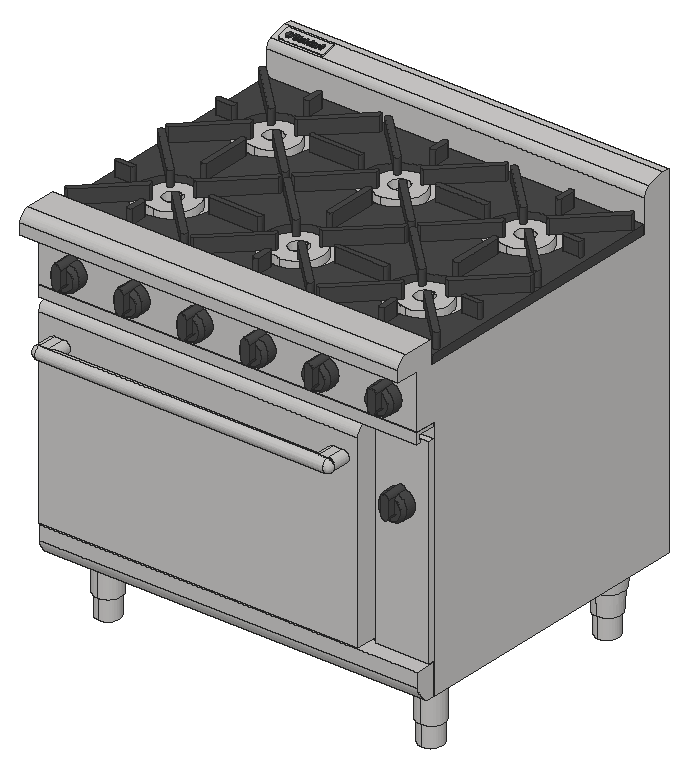
Revit family "QF_MOFFAT WALDORF_RNL8610GC", category Specialty Equipment, Revit 2012
Parameters
  Width = 900 mm
  Weight in Pounds = 212
  Watts = 130 W
  Volts = 240 V
  URL Cutsheet = "www.moffat.com"
  URL = "www.moffat.com"
  Type Mark [instance] = ""
  Status [instance] = ""
  Specification by User [instance] = ""
  Specification by Manufacturer = ""
  Show Logo [instance] = yes
  Show Clearance [instance] = yes
  Serial Number = ""
  Seismic Rating = ""
  SMACNA No = ""
  Revision Code [instance] = ""
  Plumbing Remarks = ""
  Plumbing Connection Type [instance] = ""
  Phase = 1
  Omniclass Number and Title = ""
  Number of Poles [instance] = 1
  NAFEM Spec ID Number = ""
  Model = "RNL8610GC"
  Min Ckt Ampacity = 0 A
  Mechanical Remarks = ""
  Mechanical Connection Type [instance] = ""
  Max Overcurrent Protection = 0 A
  Masterspec = ""
  Manufacturer = "MOFFAT WALDORF"
  Item Number [instance] = ""
  Installed By [instance] = ""
  Identify Quantity as Lot [instance] = yes
  Height = 970 mm
  HP = ""
  Gas Size = 3/4"
  Gas RI Height [instance] = 0 mm
  Gas KW [instance] = 55
  Gas Input [instance] = 187668.0 Btu/h
  Gas Connection Height = 0 mm
  Furnished By [instance] = ""
  Foodservice Equipment Identifier [instance] = yes
  FL Amps = 0.6 A
  Electrical Remarks [instance] = ""
  Electric Connection Type [instance] = ""
  Elec Conn RI Height [instance] = 0 mm
  Elec Conn Connection Height [instance] = 0 mm
  Description = "RANGE LOW SPLASHBACK GAS WITH CONVECTION OVEN"
  Depth = 805 mm
  Cycle = 50 Hz
  Conn Plug = ""
  Conn Conduit = yes
  Cold Water Temperature Recommended = -459.67 °F
  Cold Water Size = 1/2"
  Cold Water RI Height [instance] = 0 mm
  Cold Water Minimum Pressure = 0.00 psi
  Cold Water Maximum Pressure = 0.00 psi
  Cold Water Flow = 0 GPM
  Cold Water Consumption = ""
  Cold Water Connection Height = 0 mm
  CSI MasterFormat = ""
  CSI Master Format = ""
  Body Finish = QF_Finishes_Stainless Steel
  Apparent Power = 0 VA
Reference planes
  plane 1 "BACK": y = 0
  plane 2: z = 0
  plane 3 "LEFT": x = 0
  plane 4 "RIGHT": x = 900
  plane 5 "FRONT": y = -805
  plane 6 "TOP": z = 970
  plane 7 "Center Y": x = 450
  plane 8 "Center X": y = -402.5
  plane 9: x = 280
  plane 10: y = -574.272
  plane 11: x = 60
  plane 12: y = -304.972
  plane 13: y = -364.972
  plane 14: x = 74
  plane 15: y = -805
  plane 16: x = 834.5
  plane 17: y = -32
  plane 18: z = 655
  plane 19: x = 65.8
Forms (mm)
  Extrusion 1, solid, material "QF_Finishes_Stainless Steel" <- "Body Finish"
    sketch origin (0, 0, 0) x (0, 1, 0) y (0, 0, 1)
      loop
        line (0, 150) -> (0, 970) -> (-16.5, 970) -> (-58.709, 958.69)
        arc (-58.709, 958.69) -> (-66.975, 950.425) -> (-70, 939.134) r 22.582
        line (-70, 939.134) -> (-70, 861.8) -> (-709, 861.8) -> (-709, 915) -> (-781, 915)
        arc (-781, 915) -> (-797.971, 907.971) -> (-805, 891) r 24
        line (-805, 891) -> (-805, 866) -> (-749, 866) -> (-749, 736.219) -> (-696.73, 736.219) -> (-696.73, 150) -> (0, 150)
      loop
        line (-700.93, 150.071) -> (-700.93, 222.5) -> (-746.73, 222.5) -> (-746.73, 188)
        arc (-746.73, 188) -> (-731.317, 159.995) -> (-700.93, 150.071) r 43.526
      loop
        line (-749, 710) -> (-740.224, 710) -> (-742.613, 726.999) -> (-700.93, 726.999) -> (-700.93, 734.003) -> (-749, 734.003) -> (-749, 710)
    from 0 to 900
  Extrusion 2, solid, material "QF_Finishes_Stainless Steel"
    sketch origin (0, 0, 0) x (0, 1, 0) y (0, 0, 1)
      loop
        line (-699, 700) -> (-725, 700)
        arc (-725, 700) -> (-741.971, 692.971) -> (-749, 676) r 24
        line (-749, 676) -> (-749, 227.5) -> (-699, 227.5) -> (-699, 700)
    from 0 to 760
  Extrusion 3, solid, material "QF_Finishes_Stainless Steel"
    sketch origin (723.5, 0, 0) x (0, 1, 0) y (0, 0, 1)
      loop
        line (-699, 700) -> (-714, 700) -> (-714, 227.5) -> (-699, 227.5) -> (-699, 700)
    from 51.5 to 176.5
  Revolve 4, solid, material "QF_Finishes_Stainless Steel" <- "Body Finish"
    sketch origin (834.5, -165, 0) x (0, 1, 0) y (0, 0, -1)
      loop
        line (33.25, -50) -> (31.418, -102.468) -> (26.406, -102.468) -> (22.247, -150) -> (65, -150) -> (65, 0) -> (37.5, 0) -> (37.5, -50) -> (33.25, -50)
      axis (65, -150) -> (65, 0)
    angle from 0 to 360
  Revolve 5, solid, material "QF_Finishes_Stainless Steel" <- "Body Finish"
    sketch origin (834.5, -696.126, 0) x (0, 1, 0) y (0, 0, -1)
      loop
        line (39.376, -150) -> (71.126, -150) -> (71.126, 0) -> (43.626, 0) -> (43.626, -50) -> (39.376, -50) -> (39.376, -150)
      axis (71.126, -150) -> (71.126, 0)
    angle from 0 to 360
  Revolve 6, solid, material "QF_Finishes_Stainless Steel" <- "Body Finish"
    sketch origin (65.5, -165, 0) x (0, 1, 0) y (0, 0, 1)
      loop
        line (31.418, 102.468) -> (33.25, 50) -> (37.5, 50) -> (37.5, 0) -> (65, 0) -> (65, 150) -> (22.247, 150) -> (26.406, 102.468) -> (31.418, 102.468)
      axis (65, 150) -> (65, 0)
    angle from 0 to 360
  Revolve 7, solid, material "QF_Finishes_Stainless Steel" <- "Body Finish"
    sketch origin (65.5, -696.126, 0) x (0, 1, 0) y (0, 0, 1)
      loop
        line (39.376, 150) -> (39.376, 50) -> (43.626, 50) -> (43.626, 0) -> (71.126, 0) -> (71.126, 150) -> (39.376, 150)
      axis (71.126, 150) -> (71.126, 0)
    angle from 0 to 360
  Extrusion 8, solid, material "QF_Finishes_Stainless Steel"
    sketch origin (-64.5, 0, 325) x (1, 0, 0) y (0, 1, 0)
      loop
        circle (834.5, -32) r 10
    from 330 to 373.5
  Extrusion 9, solid, material "QF_Finishes_Black"
    sketch origin (0, -70, 861.8) x (0, -1, 0) y (1, 0, 0)
      loop
        arc (1, 4) -> (1.879, 1.879) -> (4, 1) r 3
        line (4, 1) -> (631, 1)
        arc (631, 1) -> (633.121, 1.879) -> (634, 4) r 3
        line (634, 4) -> (634, 897)
        arc (634, 897) -> (633.121, 899.121) -> (631, 900) r 3
        line (631, 900) -> (4, 900)
        arc (4, 900) -> (1.879, 899.121) -> (1, 897) r 3
        line (1, 897) -> (1, 4)
      loop
        circle (167.5, 150) r 85
      loop
        circle (167.5, 450) r 85
      loop
        circle (467.768, 150) r 85
      loop
        circle (467.768, 450) r 85
      loop
        circle (167.5, 750) r 85
      loop
        circle (467.768, 750) r 85
    from 0 to 19.5
  Extrusion 10, solid, material "QF_Finishes_Stainless Steel"
    sketch origin (0, -737.874, 150) x (1, 0, 0) y (0, -1, 0)
      loop
        circle (826.5, -237.602) r 10
    from 0 to 4
  Revolve 11, solid, material "QF_Finishes_Black"
    sketch origin (838.726, 38.874, -0.118) x (0, 1, 0) y (0, 0, 1)
      loop
        line (-820.874, 829.5) -> (-831.874, 823.651) -> (-831.874, 797) -> (-787.874, 797) -> (-787.874, 802) -> (-797.874, 802) -> (-797.874, 829.5) -> (-820.874, 829.5)
      axis (-831.874, 797) -> (-787.874, 797)
    angle from 0 to 360
  Revolve 12, solid, material "QF_Finishes_Black"
    sketch origin (688.726, 38.874, -0.118) x (0, 1, 0) y (0, 0, 1)
      loop
        line (-820.874, 829.5) -> (-831.874, 823.651) -> (-831.874, 797) -> (-787.874, 797) -> (-787.874, 802) -> (-797.874, 802) -> (-797.874, 829.5) -> (-820.874, 829.5)
      axis (-831.874, 797) -> (-787.874, 797)
    angle from 0 to 360
  Revolve 13, solid, material "QF_Finishes_Black"
    sketch origin (89.399, 38.874, -0.118) x (0, 1, 0) y (0, 0, -1)
      loop
        line (-820.874, -829.5) -> (-797.874, -829.5) -> (-797.874, -802) -> (-787.874, -802) -> (-787.874, -797) -> (-831.874, -797) -> (-831.874, -823.651) -> (-820.874, -829.5)
      axis (-831.874, -797) -> (-787.874, -797)
    angle from 0 to 360
  Revolve 14, solid, material "QF_Finishes_Black"
    sketch origin (239.399, 38.874, -0.118) x (0, 1, 0) y (0, 0, -1)
      loop
        line (-820.874, -829.5) -> (-797.874, -829.5) -> (-797.874, -802) -> (-787.874, -802) -> (-787.874, -797) -> (-831.874, -797) -> (-831.874, -823.651) -> (-820.874, -829.5)
      axis (-831.874, -797) -> (-787.874, -797)
    angle from 0 to 360
  Revolve 15, solid, material "QF_Finishes_Black"
    sketch origin (389.375, 38.874, -0.118) x (0, 1, 0) y (0, 0, -1)
      loop
        line (-820.874, -829.5) -> (-797.874, -829.5) -> (-797.874, -802) -> (-787.874, -802) -> (-787.874, -797) -> (-831.874, -797) -> (-831.874, -823.651) -> (-820.874, -829.5)
      axis (-831.874, -797) -> (-787.874, -797)
    angle from 0 to 360
  Revolve 16, solid, material "QF_Finishes_Black"
    sketch origin (539.375, 38.874, -0.118) x (0, 1, 0) y (0, 0, -1)
      loop
        line (-820.874, -829.5) -> (-797.874, -829.5) -> (-797.874, -802) -> (-787.874, -802) -> (-787.874, -797) -> (-831.874, -797) -> (-831.874, -823.651) -> (-820.874, -829.5)
      axis (-831.874, -797) -> (-787.874, -797)
    angle from 0 to 360
  Extrusion 17, solid, material "QF_Finishes_Black"
    sketch origin (690.919, 0, -0.118) x (1, 0, 0) y (0, 0, 1)
      loop
        line (158.3, 789) -> (158.3, 824)
        arc (158.3, 824) -> (148.3, 834) -> (138.3, 824) r 10
        line (138.3, 824) -> (138.3, 789)
        arc (138.3, 789) -> (148.3, 779) -> (158.3, 789) r 10
    from 759 to 808
  Extrusion 18, solid, material "QF_Finishes_Black"
    sketch origin (540.919, 0, -0.118) x (1, 0, 0) y (0, 0, 1)
      loop
        line (158.3, 789) -> (158.3, 824)
        arc (158.3, 824) -> (148.3, 834) -> (138.3, 824) r 10
        line (138.3, 824) -> (138.3, 789)
        arc (138.3, 789) -> (148.3, 779) -> (158.3, 789) r 10
    from 759 to 808
  Extrusion 19, solid, material "QF_Finishes_Black"
    sketch origin (237.206, 0, -0.118) x (-1, 0, 0) y (0, 0, -1)
      loop
        arc (158.3, -789) -> (148.3, -779) -> (138.3, -789) r 10
        line (138.3, -789) -> (138.3, -824)
        arc (138.3, -824) -> (148.3, -834) -> (158.3, -824) r 10
        line (158.3, -824) -> (158.3, -789)
    from 759 to 808
  Extrusion 20, solid, material "QF_Finishes_Black"
    sketch origin (387.206, 0, -0.118) x (-1, 0, 0) y (0, 0, -1)
      loop
        arc (158.3, -789) -> (148.3, -779) -> (138.3, -789) r 10
        line (138.3, -789) -> (138.3, -824)
        arc (138.3, -824) -> (148.3, -834) -> (158.3, -824) r 10
        line (158.3, -824) -> (158.3, -789)
    from 759 to 808
  Extrusion 21, solid, material "QF_Finishes_Black"
    sketch origin (537.182, 0, -0.118) x (-1, 0, 0) y (0, 0, -1)
      loop
        arc (158.3, -789) -> (148.3, -779) -> (138.3, -789) r 10
        line (138.3, -789) -> (138.3, -824)
        arc (138.3, -824) -> (148.3, -834) -> (158.3, -824) r 10
        line (158.3, -824) -> (158.3, -789)
    from 759 to 808
  Extrusion 22, solid, material "QF_Finishes_Black"
    sketch origin (687.182, 0, -0.118) x (-1, 0, 0) y (0, 0, -1)
      loop
        arc (158.3, -789) -> (148.3, -779) -> (138.3, -789) r 10
        line (138.3, -789) -> (138.3, -824)
        arc (138.3, -824) -> (148.3, -834) -> (158.3, -824) r 10
        line (158.3, -824) -> (158.3, -789)
    from 759 to 808
  Revolve 23, solid, material "QF_Finishes_Black"
    sketch origin (836.226, 81.374, -245.75) x (0, 1, 0) y (0, 0, 1)
      loop
        line (-820.874, 829.5) -> (-831.874, 823.651) -> (-831.874, 797) -> (-787.874, 797) -> (-787.874, 802) -> (-797.874, 802) -> (-797.874, 829.5) -> (-820.874, 829.5)
      axis (-831.874, 797) -> (-787.874, 797)
    angle from 0 to 360
  Extrusion 24, solid, material "QF_Finishes_Black"
    sketch origin (688.419, 42.5, -245.75) x (1, 0, 0) y (0, 0, 1)
      loop
        line (158.3, 789) -> (158.3, 824)
        arc (158.3, 824) -> (148.3, 834) -> (138.3, 824) r 10
        line (138.3, 824) -> (138.3, 789)
        arc (138.3, 789) -> (148.3, 779) -> (158.3, 789) r 10
    from 759 to 808
  Extrusion 25, solid, material "QF_Door-Drawer Clearances", visible <- "Show Clearance", detail levels coarse
    sketch origin (0, 0, 0) x (0, -1, 0) y (0, 0, 1)
      loop
        line (749, 697.347) -> (749, 227.5) -> (1218.847, 227.5)
        arc (1218.847, 227.5) -> (1081.232, 559.732) -> (749, 697.347) r 469.847
    from 0 to -760
  Extrusion 26, solid, material "QF_Finishes_Black"
    sketch origin (0, -70, 0) x (0, -1, 0) y (1, 0, 0)
      loop
        spline (323.602, 15.153) -> (322.681, 13.924) -> (322.131, 12.47) -> (321.99, 10.89) -> (322.267, 9.292) -> (322.943, 7.786) -> (323.973, 6.473) -> (325.286, 5.443) -> (326.792, 4.767) -> (328.39, 4.49) -> (329.97, 4.631) -> (331.424, 5.181) -> (332.653, 6.102)
        line (332.653, 6.102) -> (440.576, 114.025)
        spline (440.576, 114.025) -> (441.337, 115.095) -> (441.738, 116.399) -> (441.751, 117.851) -> (441.375, 119.35) -> (440.637, 120.795) -> (439.586, 122.086) -> (438.295, 123.137) -> (436.85, 123.875) -> (435.351, 124.251) -> (433.899, 124.238) -> (432.595, 123.837) -> (431.525, 123.076)
        line (431.525, 123.076) -> (323.602, 15.153)
      loop
        line (611.398, 15.153) -> (503.475, 123.076)
        spline (503.475, 123.076) -> (502.405, 123.837) -> (501.101, 124.238) -> (499.649, 124.251) -> (498.15, 123.875) -> (496.705, 123.137) -> (495.414, 122.086) -> (494.363, 120.795) -> (493.625, 119.35) -> (493.249, 117.851) -> (493.262, 116.399) -> (493.663, 115.095) -> (494.424, 114.025)
        line (494.424, 114.025) -> (602.347, 6.102)
        spline (602.347, 6.102) -> (603.416, 5.341) -> (604.721, 4.941) -> (606.172, 4.928) -> (607.671, 5.303) -> (609.116, 6.041) -> (610.408, 7.092) -> (611.459, 8.384) -> (612.197, 9.829) -> (612.572, 11.328) -> (612.559, 12.779) -> (612.159, 14.084) -> (611.398, 15.153)
      loop
        spline (375.602, 143.6) -> (376.896, 143.818) -> (378.102, 144.457) -> (379.138, 145.475) -> (379.932, 146.8) -> (380.432, 148.344) -> (380.602, 150) -> (380.432, 151.656) -> (379.932, 153.2) -> (379.138, 154.525) -> (378.102, 155.543) -> (376.896, 156.182) -> (375.602, 156.4)
        line (375.602, 156.4) -> (259.398, 156.4)
        spline (259.398, 156.4) -> (258.104, 156.182) -> (256.898, 155.543) -> (255.862, 154.525) -> (255.068, 153.2) -> (254.568, 151.656) -> (254.398, 150) -> (254.568, 148.344) -> (255.068, 146.8) -> (255.862, 145.475) -> (256.898, 144.457) -> (258.104, 143.818) -> (259.398, 143.6)
        line (259.398, 143.6) -> (375.602, 143.6)
      loop
        spline (23.602, 15.153) -> (22.681, 13.924) -> (22.131, 12.47) -> (21.99, 10.89) -> (22.267, 9.292) -> (22.943, 7.786) -> (23.973, 6.473) -> (25.286, 5.443) -> (26.792, 4.767) -> (28.39, 4.49) -> (29.97, 4.631) -> (31.424, 5.181) -> (32.653, 6.102)
        line (32.653, 6.102) -> (140.576, 114.025)
        spline (140.576, 114.025) -> (141.337, 115.095) -> (141.738, 116.399) -> (141.751, 117.851) -> (141.375, 119.35) -> (140.637, 120.795) -> (139.586, 122.086) -> (138.295, 123.137) -> (136.85, 123.875) -> (135.351, 124.251) -> (133.899, 124.238) -> (132.595, 123.837) -> (131.525, 123.076)
        line (131.525, 123.076) -> (23.602, 15.153)
      loop
        line (311.398, 15.153) -> (203.475, 123.076)
        spline (203.475, 123.076) -> (202.405, 123.837) -> (201.101, 124.238) -> (199.649, 124.251) -> (198.15, 123.875) -> (196.705, 123.137) -> (195.414, 122.086) -> (194.363, 120.795) -> (193.625, 119.35) -> (193.249, 117.851) -> (193.262, 116.399) -> (193.663, 115.095) -> (194.424, 114.025)
        line (194.424, 114.025) -> (302.347, 6.102)
        spline (302.347, 6.102) -> (303.416, 5.341) -> (304.721, 4.941) -> (306.172, 4.928) -> (307.671, 5.303) -> (309.116, 6.041) -> (310.408, 7.092) -> (311.459, 8.384) -> (312.197, 9.829) -> (312.572, 11.328) -> (312.559, 12.779) -> (312.159, 14.084) -> (311.398, 15.153)
      loop
        line (323.602, 284.847) -> (431.525, 176.924)
        spline (431.525, 176.924) -> (432.595, 176.163) -> (433.899, 175.762) -> (435.351, 175.749) -> (436.85, 176.125) -> (438.295, 176.863) -> (439.586, 177.914) -> (440.637, 179.205) -> (441.375, 180.65) -> (441.751, 182.149) -> (441.738, 183.601) -> (441.337, 184.905) -> (440.576, 185.975)
        line (440.576, 185.975) -> (332.653, 293.898)
        spline (332.653, 293.898) -> (331.424, 294.819) -> (329.97, 295.369) -> (328.39, 295.51) -> (326.792, 295.233) -> (325.286, 294.557) -> (323.973, 293.527) -> (322.943, 292.214) -> (322.267, 290.708) -> (321.99, 289.11) -> (322.131, 287.53) -> (322.681, 286.076) -> (323.602, 284.847)
      loop
        spline (611.398, 284.847) -> (612.159, 285.916) -> (612.559, 287.221) -> (612.572, 288.672) -> (612.197, 290.171) -> (611.459, 291.616) -> (610.408, 292.908) -> (609.116, 293.959) -> (607.671, 294.697) -> (606.172, 295.072) -> (604.721, 295.059) -> (603.416, 294.659) -> (602.347, 293.898)
        line (602.347, 293.898) -> (494.424, 185.975)
        spline (494.424, 185.975) -> (493.663, 184.905) -> (493.262, 183.601) -> (493.249, 182.149) -> (493.625, 180.65) -> (494.363, 179.205) -> (495.414, 177.914) -> (496.705, 176.863) -> (498.15, 176.125) -> (499.649, 175.749) -> (501.101, 175.762) -> (502.405, 176.163) -> (503.475, 176.924)
        line (503.475, 176.924) -> (611.398, 284.847)
      loop
        spline (461.1, 241.898) -> (461.318, 240.604) -> (461.957, 239.398) -> (462.975, 238.362) -> (464.3, 237.568) -> (465.844, 237.068) -> (467.5, 236.898) -> (469.156, 237.068) -> (470.7, 237.568) -> (472.025, 238.362) -> (473.043, 239.398) -> (473.682, 240.604) -> (473.9, 241.898)
        line (473.9, 241.898) -> (473.9, 358.102)
        spline (473.9, 358.102) -> (473.682, 359.396) -> (473.043, 360.602) -> (472.025, 361.638) -> (470.7, 362.432) -> (469.156, 362.932) -> (467.5, 363.102) -> (465.844, 362.932) -> (464.3, 362.432) -> (462.975, 361.638) -> (461.957, 360.602) -> (461.318, 359.396) -> (461.1, 358.102)
        line (461.1, 358.102) -> (461.1, 241.898)
      loop
        line (23.602, 284.847) -> (131.525, 176.924)
        spline (131.525, 176.924) -> (132.595, 176.163) -> (133.899, 175.762) -> (135.351, 175.749) -> (136.85, 176.125) -> (138.295, 176.863) -> (139.586, 177.914) -> (140.637, 179.205) -> (141.375, 180.65) -> (141.751, 182.149) -> (141.738, 183.601) -> (141.337, 184.905) -> (140.576, 185.975)
        line (140.576, 185.975) -> (32.653, 293.898)
        spline (32.653, 293.898) -> (31.424, 294.819) -> (29.97, 295.369) -> (28.39, 295.51) -> (26.792, 295.233) -> (25.286, 294.557) -> (23.973, 293.527) -> (22.943, 292.214) -> (22.267, 290.708) -> (21.99, 289.11) -> (22.131, 287.53) -> (22.681, 286.076) -> (23.602, 284.847)
      loop
        spline (311.398, 284.847) -> (312.159, 285.916) -> (312.559, 287.221) -> (312.572, 288.672) -> (312.197, 290.171) -> (311.459, 291.616) -> (310.408, 292.908) -> (309.116, 293.959) -> (307.671, 294.697) -> (306.172, 295.072) -> (304.721, 295.059) -> (303.416, 294.659) -> (302.347, 293.898)
        line (302.347, 293.898) -> (194.424, 185.975)
        spline (194.424, 185.975) -> (193.663, 184.905) -> (193.262, 183.601) -> (193.249, 182.149) -> (193.625, 180.65) -> (194.363, 179.205) -> (195.414, 177.914) -> (196.705, 176.863) -> (198.15, 176.125) -> (199.649, 175.749) -> (201.101, 175.762) -> (202.405, 176.163) -> (203.475, 176.924)
        line (203.475, 176.924) -> (311.398, 284.847)
      loop
        spline (161.1, 241.898) -> (161.318, 240.604) -> (161.957, 239.398) -> (162.975, 238.362) -> (164.3, 237.568) -> (165.844, 237.068) -> (167.5, 236.898) -> (169.156, 237.068) -> (170.7, 237.568) -> (172.025, 238.362) -> (173.043, 239.398) -> (173.682, 240.604) -> (173.9, 241.898)
        line (173.9, 241.898) -> (173.9, 358.102)
        spline (173.9, 358.102) -> (173.682, 359.396) -> (173.043, 360.602) -> (172.025, 361.638) -> (170.7, 362.432) -> (169.156, 362.932) -> (167.5, 363.102) -> (165.844, 362.932) -> (164.3, 362.432) -> (162.975, 361.638) -> (161.957, 360.602) -> (161.318, 359.396) -> (161.1, 358.102)
        line (161.1, 358.102) -> (161.1, 241.898)
      loop
        line (375.602, 456.4) -> (259.398, 456.4)
        spline (259.398, 456.4) -> (258.104, 456.182) -> (256.898, 455.543) -> (255.862, 454.525) -> (255.068, 453.2) -> (254.568, 451.656) -> (254.398, 450) -> (254.568, 448.344) -> (255.068, 446.8) -> (255.862, 445.475) -> (256.898, 444.457) -> (258.104, 443.818) -> (259.398, 443.6)
        line (259.398, 443.6) -> (375.602, 443.6)
        spline (375.602, 443.6) -> (376.896, 443.818) -> (378.102, 444.457) -> (379.138, 445.475) -> (379.932, 446.8) -> (380.432, 448.344) -> (380.602, 450) -> (380.432, 451.656) -> (379.932, 453.2) -> (379.138, 454.525) -> (378.102, 455.543) -> (376.896, 456.182) -> (375.602, 456.4)
      loop
        spline (323.602, 315.153) -> (322.681, 313.924) -> (322.131, 312.47) -> (321.99, 310.89) -> (322.267, 309.292) -> (322.943, 307.786) -> (323.973, 306.473) -> (325.286, 305.443) -> (326.792, 304.767) -> (328.39, 304.49) -> (329.97, 304.631) -> (331.424, 305.181) -> (332.653, 306.102)
        line (332.653, 306.102) -> (440.576, 414.025)
        spline (440.576, 414.025) -> (441.337, 415.095) -> (441.738, 416.399) -> (441.751, 417.851) -> (441.375, 419.35) -> (440.637, 420.795) -> (439.586, 422.086) -> (438.295, 423.137) -> (436.85, 423.875) -> (435.351, 424.251) -> (433.899, 424.238) -> (432.595, 423.837) -> (431.525, 423.076)
        line (431.525, 423.076) -> (323.602, 315.153)
      loop
        line (611.398, 315.153) -> (503.475, 423.076)
        spline (503.475, 423.076) -> (502.405, 423.837) -> (501.101, 424.238) -> (499.649, 424.251) -> (498.15, 423.875) -> (496.705, 423.137) -> (495.414, 422.086) -> (494.363, 420.795) -> (493.625, 419.35) -> (493.249, 417.851) -> (493.262, 416.399) -> (493.663, 415.095) -> (494.424, 414.025)
        line (494.424, 414.025) -> (602.347, 306.102)
        spline (602.347, 306.102) -> (603.416, 305.341) -> (604.721, 304.941) -> (606.172, 304.928) -> (607.671, 305.303) -> (609.116, 306.041) -> (610.408, 307.092) -> (611.459, 308.384) -> (612.197, 309.829) -> (612.572, 311.328) -> (612.559, 312.779) -> (612.159, 314.084) -> (611.398, 315.153)
      loop
        spline (23.602, 315.153) -> (22.681, 313.924) -> (22.131, 312.47) -> (21.99, 310.89) -> (22.267, 309.292) -> (22.943, 307.786) -> (23.973, 306.473) -> (25.286, 305.443) -> (26.792, 304.767) -> (28.39, 304.49) -> (29.97, 304.631) -> (31.424, 305.181) -> (32.653, 306.102)
        line (32.653, 306.102) -> (140.576, 414.025)
        spline (140.576, 414.025) -> (141.337, 415.095) -> (141.738, 416.399) -> (141.751, 417.851) -> (141.375, 419.35) -> (140.637, 420.795) -> (139.586, 422.086) -> (138.295, 423.137) -> (136.85, 423.875) -> (135.351, 424.251) -> (133.899, 424.238) -> (132.595, 423.837) -> (131.525, 423.076)
        line (131.525, 423.076) -> (23.602, 315.153)
      loop
        line (311.398, 315.153) -> (203.475, 423.076)
        spline (203.475, 423.076) -> (202.405, 423.837) -> (201.101, 424.238) -> (199.649, 424.251) -> (198.15, 423.875) -> (196.705, 423.137) -> (195.414, 422.086) -> (194.363, 420.795) -> (193.625, 419.35) -> (193.249, 417.851) -> (193.262, 416.399) -> (193.663, 415.095) -> (194.424, 414.025)
        line (194.424, 414.025) -> (302.347, 306.102)
        spline (302.347, 306.102) -> (303.416, 305.341) -> (304.721, 304.941) -> (306.172, 304.928) -> (307.671, 305.303) -> (309.116, 306.041) -> (310.408, 307.092) -> (311.459, 308.384) -> (312.197, 309.829) -> (312.572, 311.328) -> (312.559, 312.779) -> (312.159, 314.084) -> (311.398, 315.153)
      loop
        line (323.602, 584.847) -> (431.525, 476.924)
        spline (431.525, 476.924) -> (432.595, 476.163) -> (433.899, 475.762) -> (435.351, 475.749) -> (436.85, 476.125) -> (438.295, 476.863) -> (439.586, 477.914) -> (440.637, 479.205) -> (441.375, 480.65) -> (441.751, 482.149) -> (441.738, 483.601) -> (441.337, 484.905) -> (440.576, 485.975)
        line (440.576, 485.975) -> (332.653, 593.898)
        spline (332.653, 593.898) -> (331.424, 594.819) -> (329.97, 595.369) -> (328.39, 595.51) -> (326.792, 595.233) -> (325.286, 594.557) -> (323.973, 593.527) -> (322.943, 592.214) -> (322.267, 590.708) -> (321.99, 589.11) -> (322.131, 587.53) -> (322.681, 586.076) -> (323.602, 584.847)
      loop
        spline (611.398, 584.847) -> (612.159, 585.916) -> (612.559, 587.221) -> (612.572, 588.672) -> (612.197, 590.171) -> (611.459, 591.616) -> (610.408, 592.908) -> (609.116, 593.959) -> (607.671, 594.697) -> (606.172, 595.072) -> (604.721, 595.059) -> (603.416, 594.659) -> (602.347, 593.898)
        line (602.347, 593.898) -> (494.424, 485.975)
        spline (494.424, 485.975) -> (493.663, 484.905) -> (493.262, 483.601) -> (493.249, 482.149) -> (493.625, 480.65) -> (494.363, 479.205) -> (495.414, 477.914) -> (496.705, 476.863) -> (498.15, 476.125) -> (499.649, 475.749) -> (501.101, 475.762) -> (502.405, 476.163) -> (503.475, 476.924)
        line (503.475, 476.924) -> (611.398, 584.847)
      loop
        line (23.602, 584.847) -> (131.525, 476.924)
        spline (131.525, 476.924) -> (132.595, 476.163) -> (133.899, 475.762) -> (135.351, 475.749) -> (136.85, 476.125) -> (138.295, 476.863) -> (139.586, 477.914) -> (140.637, 479.205) -> (141.375, 480.65) -> (141.751, 482.149) -> (141.738, 483.601) -> (141.337, 484.905) -> (140.576, 485.975)
        line (140.576, 485.975) -> (32.653, 593.898)
        spline (32.653, 593.898) -> (31.424, 594.819) -> (29.97, 595.369) -> (28.39, 595.51) -> (26.792, 595.233) -> (25.286, 594.557) -> (23.973, 593.527) -> (22.943, 592.214) -> (22.267, 590.708) -> (21.99, 589.11) -> (22.131, 587.53) -> (22.681, 586.076) -> (23.602, 584.847)
      loop
        spline (311.398, 584.847) -> (312.159, 585.916) -> (312.559, 587.221) -> (312.572, 588.672) -> (312.197, 590.171) -> (311.459, 591.616) -> (310.408, 592.908) -> (309.116, 593.959) -> (307.671, 594.697) -> (306.172, 595.072) -> (304.721, 595.059) -> (303.416, 594.659) -> (302.347, 593.898)
        line (302.347, 593.898) -> (194.424, 485.975)
        spline (194.424, 485.975) -> (193.663, 484.905) -> (193.262, 483.601) -> (193.249, 482.149) -> (193.625, 480.65) -> (194.363, 479.205) -> (195.414, 477.914) -> (196.705, 476.863) -> (198.15, 476.125) -> (199.649, 475.749) -> (201.101, 475.762) -> (202.405, 476.163) -> (203.475, 476.924)
        line (203.475, 476.924) -> (311.398, 584.847)
      loop
        spline (461.1, 541.898) -> (461.318, 540.604) -> (461.957, 539.398) -> (462.975, 538.362) -> (464.3, 537.568) -> (465.844, 537.068) -> (467.5, 536.898) -> (469.156, 537.068) -> (470.7, 537.568) -> (472.025, 538.362) -> (473.043, 539.398) -> (473.682, 540.604) -> (473.9, 541.898)
        line (473.9, 541.898) -> (473.9, 658.102)
        spline (473.9, 658.102) -> (473.682, 659.396) -> (473.043, 660.602) -> (472.025, 661.638) -> (470.7, 662.432) -> (469.156, 662.932) -> (467.5, 663.102) -> (465.844, 662.932) -> (464.3, 662.432) -> (462.975, 661.638) -> (461.957, 660.602) -> (461.318, 659.396) -> (461.1, 658.102)
        line (461.1, 658.102) -> (461.1, 541.898)
      loop
        spline (161.1, 541.898) -> (161.318, 540.604) -> (161.957, 539.398) -> (162.975, 538.362) -> (164.3, 537.568) -> (165.844, 537.068) -> (167.5, 536.898) -> (169.156, 537.068) -> (170.7, 537.568) -> (172.025, 538.362) -> (173.043, 539.398) -> (173.682, 540.604) -> (173.9, 541.898)
        line (173.9, 541.898) -> (173.9, 658.102)
        spline (173.9, 658.102) -> (173.682, 659.396) -> (173.043, 660.602) -> (172.025, 661.638) -> (170.7, 662.432) -> (169.156, 662.932) -> (167.5, 663.102) -> (165.844, 662.932) -> (164.3, 662.432) -> (162.975, 661.638) -> (161.957, 660.602) -> (161.318, 659.396) -> (161.1, 658.102)
        line (161.1, 658.102) -> (161.1, 541.898)
      loop
        line (375.602, 756.4) -> (259.398, 756.4)
        spline (259.398, 756.4) -> (258.104, 756.182) -> (256.898, 755.543) -> (255.862, 754.525) -> (255.068, 753.2) -> (254.568, 751.656) -> (254.398, 750) -> (254.568, 748.344) -> (255.068, 746.8) -> (255.862, 745.475) -> (256.898, 744.457) -> (258.104, 743.818) -> (259.398, 743.6)
        line (259.398, 743.6) -> (375.602, 743.6)
        spline (375.602, 743.6) -> (376.896, 743.818) -> (378.102, 744.457) -> (379.138, 745.475) -> (379.932, 746.8) -> (380.432, 748.344) -> (380.602, 750) -> (380.432, 751.656) -> (379.932, 753.2) -> (379.138, 754.525) -> (378.102, 755.543) -> (376.896, 756.182) -> (375.602, 756.4)
      loop
        spline (323.602, 615.153) -> (322.681, 613.924) -> (322.131, 612.47) -> (321.99, 610.89) -> (322.267, 609.292) -> (322.943, 607.786) -> (323.973, 606.473) -> (325.286, 605.443) -> (326.792, 604.767) -> (328.39, 604.49) -> (329.97, 604.631) -> (331.424, 605.181) -> (332.653, 606.102)
        line (332.653, 606.102) -> (440.576, 714.025)
        spline (440.576, 714.025) -> (441.337, 715.095) -> (441.738, 716.399) -> (441.751, 717.851) -> (441.375, 719.35) -> (440.637, 720.795) -> (439.586, 722.086) -> (438.295, 723.137) -> (436.85, 723.875) -> (435.351, 724.251) -> (433.899, 724.238) -> (432.595, 723.837) -> (431.525, 723.076)
        line (431.525, 723.076) -> (323.602, 615.153)
      loop
        line (611.398, 615.153) -> (503.475, 723.076)
        spline (503.475, 723.076) -> (502.405, 723.837) -> (501.101, 724.238) -> (499.649, 724.251) -> (498.15, 723.875) -> (496.705, 723.137) -> (495.414, 722.086) -> (494.363, 720.795) -> (493.625, 719.35) -> (493.249, 717.851) -> (493.262, 716.399) -> (493.663, 715.095) -> (494.424, 714.025)
        line (494.424, 714.025) -> (602.347, 606.102)
        spline (602.347, 606.102) -> (603.416, 605.341) -> (604.721, 604.941) -> (606.172, 604.928) -> (607.671, 605.303) -> (609.116, 606.041) -> (610.408, 607.092) -> (611.459, 608.384) -> (612.197, 609.829) -> (612.572, 611.328) -> (612.559, 612.779) -> (612.159, 614.084) -> (611.398, 615.153)
      loop
        spline (23.602, 615.153) -> (22.681, 613.924) -> (22.131, 612.47) -> (21.99, 610.89) -> (22.267, 609.292) -> (22.943, 607.786) -> (23.973, 606.473) -> (25.286, 605.443) -> (26.792, 604.767) -> (28.39, 604.49) -> (29.97, 604.631) -> (31.424, 605.181) -> (32.653, 606.102)
        line (32.653, 606.102) -> (140.576, 714.025)
        spline (140.576, 714.025) -> (141.337, 715.095) -> (141.738, 716.399) -> (141.751, 717.851) -> (141.375, 719.35) -> (140.637, 720.795) -> (139.586, 722.086) -> (138.295, 723.137) -> (136.85, 723.875) -> (135.351, 724.251) -> (133.899, 724.238) -> (132.595, 723.837) -> (131.525, 723.076)
        line (131.525, 723.076) -> (23.602, 615.153)
      loop
        line (311.398, 615.153) -> (203.475, 723.076)
        spline (203.475, 723.076) -> (202.405, 723.837) -> (201.101, 724.238) -> (199.649, 724.251) -> (198.15, 723.875) -> (196.705, 723.137) -> (195.414, 722.086) -> (194.363, 720.795) -> (193.625, 719.35) -> (193.249, 717.851) -> (193.262, 716.399) -> (193.663, 715.095) -> (194.424, 714.025)
        line (194.424, 714.025) -> (302.347, 606.102)
        spline (302.347, 606.102) -> (303.416, 605.341) -> (304.721, 604.941) -> (306.172, 604.928) -> (307.671, 605.303) -> (309.116, 606.041) -> (310.408, 607.092) -> (311.459, 608.384) -> (312.197, 609.829) -> (312.572, 611.328) -> (312.559, 612.779) -> (312.159, 614.084) -> (311.398, 615.153)
      loop
        line (323.602, 884.847) -> (431.525, 776.924)
        spline (431.525, 776.924) -> (432.595, 776.163) -> (433.899, 775.762) -> (435.351, 775.749) -> (436.85, 776.125) -> (438.295, 776.863) -> (439.586, 777.914) -> (440.637, 779.205) -> (441.375, 780.65) -> (441.751, 782.149) -> (441.738, 783.601) -> (441.337, 784.905) -> (440.576, 785.975)
        line (440.576, 785.975) -> (332.653, 893.898)
        spline (332.653, 893.898) -> (331.424, 894.819) -> (329.97, 895.369) -> (328.39, 895.51) -> (326.792, 895.233) -> (325.286, 894.557) -> (323.973, 893.527) -> (322.943, 892.214) -> (322.267, 890.708) -> (321.99, 889.11) -> (322.131, 887.53) -> (322.681, 886.076) -> (323.602, 884.847)
      loop
        spline (611.398, 884.847) -> (612.159, 885.916) -> (612.559, 887.221) -> (612.572, 888.672) -> (612.197, 890.171) -> (611.459, 891.616) -> (610.408, 892.908) -> (609.116, 893.959) -> (607.671, 894.697) -> (606.172, 895.072) -> (604.721, 895.059) -> (603.416, 894.659) -> (602.347, 893.898)
        line (602.347, 893.898) -> (494.424, 785.975)
        spline (494.424, 785.975) -> (493.663, 784.905) -> (493.262, 783.601) -> (493.249, 782.149) -> (493.625, 780.65) -> (494.363, 779.205) -> (495.414, 777.914) -> (496.705, 776.863) -> (498.15, 776.125) -> (499.649, 775.749) -> (501.101, 775.762) -> (502.405, 776.163) -> (503.475, 776.924)
        line (503.475, 776.924) -> (611.398, 884.847)
      loop
        line (23.602, 884.847) -> (131.525, 776.924)
        spline (131.525, 776.924) -> (132.595, 776.163) -> (133.899, 775.762) -> (135.351, 775.749) -> (136.85, 776.125) -> (138.295, 776.863) -> (139.586, 777.914) -> (140.637, 779.205) -> (141.375, 780.65) -> (141.751, 782.149) -> (141.738, 783.601) -> (141.337, 784.905) -> (140.576, 785.975)
        line (140.576, 785.975) -> (32.653, 893.898)
        spline (32.653, 893.898) -> (31.424, 894.819) -> (29.97, 895.369) -> (28.39, 895.51) -> (26.792, 895.233) -> (25.286, 894.557) -> (23.973, 893.527) -> (22.943, 892.214) -> (22.267, 890.708) -> (21.99, 889.11) -> (22.131, 887.53) -> (22.681, 886.076) -> (23.602, 884.847)
      loop
        spline (311.398, 884.847) -> (312.159, 885.916) -> (312.559, 887.221) -> (312.572, 888.672) -> (312.197, 890.171) -> (311.459, 891.616) -> (310.408, 892.908) -> (309.116, 893.959) -> (307.671, 894.697) -> (306.172, 895.072) -> (304.721, 895.059) -> (303.416, 894.659) -> (302.347, 893.898)
        line (302.347, 893.898) -> (194.424, 785.975)
        spline (194.424, 785.975) -> (193.663, 784.905) -> (193.262, 783.601) -> (193.249, 782.149) -> (193.625, 780.65) -> (194.363, 779.205) -> (195.414, 777.914) -> (196.705, 776.863) -> (198.15, 776.125) -> (199.649, 775.749) -> (201.101, 775.762) -> (202.405, 776.163) -> (203.475, 776.924)
        line (203.475, 776.924) -> (311.398, 884.847)
      loop
        spline (461.1, 19.118) -> (461.318, 17.824) -> (461.957, 16.618) -> (462.975, 15.582) -> (464.3, 14.788) -> (465.844, 14.288) -> (467.5, 14.118) -> (469.156, 14.288) -> (470.7, 14.788) -> (472.025, 15.582) -> (473.043, 16.618) -> (473.682, 17.824) -> (473.9, 19.118)
        line (473.9, 19.118) -> (473.9, 55.322)
        spline (473.9, 55.322) -> (473.682, 56.616) -> (473.043, 57.822) -> (472.025, 58.858) -> (470.7, 59.652) -> (469.156, 60.152) -> (467.5, 60.322) -> (465.844, 60.152) -> (464.3, 59.652) -> (462.975, 58.858) -> (461.957, 57.822) -> (461.318, 56.616) -> (461.1, 55.322)
        line (461.1, 55.322) -> (461.1, 19.118)
      loop
        spline (161.1, 19.118) -> (161.318, 17.824) -> (161.957, 16.618) -> (162.975, 15.582) -> (164.3, 14.788) -> (165.844, 14.288) -> (167.5, 14.118) -> (169.156, 14.288) -> (170.7, 14.788) -> (172.025, 15.582) -> (173.043, 16.618) -> (173.682, 17.824) -> (173.9, 19.118)
        line (173.9, 19.118) -> (173.9, 55.322)
        spline (173.9, 55.322) -> (173.682, 56.616) -> (173.043, 57.822) -> (172.025, 58.858) -> (170.7, 59.652) -> (169.156, 60.152) -> (167.5, 60.322) -> (165.844, 60.152) -> (164.3, 59.652) -> (162.975, 58.858) -> (161.957, 57.822) -> (161.318, 56.616) -> (161.1, 55.322)
        line (161.1, 55.322) -> (161.1, 19.118)
      loop
        spline (461.1, 844.678) -> (461.318, 843.384) -> (461.957, 842.178) -> (462.975, 841.142) -> (464.3, 840.348) -> (465.844, 839.848) -> (467.5, 839.678) -> (469.156, 839.848) -> (470.7, 840.348) -> (472.025, 841.142) -> (473.043, 842.178) -> (473.682, 843.384) -> (473.9, 844.678)
        line (473.9, 844.678) -> (473.9, 880.882)
        spline (473.9, 880.882) -> (473.682, 882.176) -> (473.043, 883.382) -> (472.025, 884.418) -> (470.7, 885.212) -> (469.156, 885.712) -> (467.5, 885.882) -> (465.844, 885.712) -> (464.3, 885.212) -> (462.975, 884.418) -> (461.957, 883.382) -> (461.318, 882.176) -> (461.1, 880.882)
        line (461.1, 880.882) -> (461.1, 844.678)
      loop
        spline (161.1, 844.678) -> (161.318, 843.384) -> (161.957, 842.178) -> (162.975, 841.142) -> (164.3, 840.348) -> (165.844, 839.848) -> (167.5, 839.678) -> (169.156, 839.848) -> (170.7, 840.348) -> (172.025, 841.142) -> (173.043, 842.178) -> (173.682, 843.384) -> (173.9, 844.678)
        line (173.9, 844.678) -> (173.9, 880.882)
        spline (173.9, 880.882) -> (173.682, 882.176) -> (173.043, 883.382) -> (172.025, 884.418) -> (170.7, 885.212) -> (169.156, 885.712) -> (167.5, 885.882) -> (165.844, 885.712) -> (164.3, 885.212) -> (162.975, 884.418) -> (161.957, 883.382) -> (161.318, 882.176) -> (161.1, 880.882)
        line (161.1, 880.882) -> (161.1, 844.678)
      loop
        spline (68.743, 743.565) -> (70.037, 743.783) -> (71.243, 744.423) -> (72.279, 745.44) -> (73.073, 746.765) -> (73.573, 748.309) -> (73.743, 749.965) -> (73.573, 751.622) -> (73.073, 753.165) -> (72.279, 754.491) -> (71.243, 755.508) -> (70.037, 756.147) -> (68.743, 756.365)
        line (68.743, 756.365) -> (32.539, 756.365)
        spline (32.539, 756.365) -> (31.245, 756.147) -> (30.039, 755.508) -> (29.003, 754.491) -> (28.209, 753.165) -> (27.709, 751.622) -> (27.539, 749.965) -> (27.709, 748.309) -> (28.209, 746.765) -> (29.003, 745.44) -> (30.039, 744.423) -> (31.245, 743.783) -> (32.539, 743.565)
        line (32.539, 743.565) -> (68.743, 743.565)
      loop
        spline (68.743, 443.565) -> (70.037, 443.783) -> (71.243, 444.423) -> (72.279, 445.44) -> (73.073, 446.765) -> (73.573, 448.309) -> (73.743, 449.965) -> (73.573, 451.622) -> (73.073, 453.165) -> (72.279, 454.491) -> (71.243, 455.508) -> (70.037, 456.147) -> (68.743, 456.365)
        line (68.743, 456.365) -> (32.539, 456.365)
        spline (32.539, 456.365) -> (31.245, 456.147) -> (30.039, 455.508) -> (29.003, 454.491) -> (28.209, 453.165) -> (27.709, 451.622) -> (27.539, 449.965) -> (27.709, 448.309) -> (28.209, 446.765) -> (29.003, 445.44) -> (30.039, 444.423) -> (31.245, 443.783) -> (32.539, 443.565)
        line (32.539, 443.565) -> (68.743, 443.565)
      loop
        spline (68.743, 143.565) -> (70.037, 143.783) -> (71.243, 144.423) -> (72.279, 145.44) -> (73.073, 146.765) -> (73.573, 148.309) -> (73.743, 149.965) -> (73.573, 151.622) -> (73.073, 153.165) -> (72.279, 154.491) -> (71.243, 155.508) -> (70.037, 156.147) -> (68.743, 156.365)
        line (68.743, 156.365) -> (32.539, 156.365)
        spline (32.539, 156.365) -> (31.245, 156.147) -> (30.039, 155.508) -> (29.003, 154.491) -> (28.209, 153.165) -> (27.709, 151.622) -> (27.539, 149.965) -> (27.709, 148.309) -> (28.209, 146.765) -> (29.003, 145.44) -> (30.039, 144.423) -> (31.245, 143.783) -> (32.539, 143.565)
        line (32.539, 143.565) -> (68.743, 143.565)
      loop
        spline (596.243, 743.565) -> (597.537, 743.783) -> (598.743, 744.423) -> (599.779, 745.44) -> (600.573, 746.765) -> (601.073, 748.309) -> (601.243, 749.965) -> (601.073, 751.622) -> (600.573, 753.165) -> (599.779, 754.491) -> (598.743, 755.508) -> (597.537, 756.147) -> (596.243, 756.365)
        line (596.243, 756.365) -> (560.039, 756.365)
        spline (560.039, 756.365) -> (558.745, 756.147) -> (557.539, 755.508) -> (556.503, 754.491) -> (555.709, 753.165) -> (555.209, 751.622) -> (555.039, 749.965) -> (555.209, 748.309) -> (555.709, 746.765) -> (556.503, 745.44) -> (557.539, 744.423) -> (558.745, 743.783) -> (560.039, 743.565)
        line (560.039, 743.565) -> (596.243, 743.565)
      loop
        spline (596.243, 443.565) -> (597.537, 443.783) -> (598.743, 444.423) -> (599.779, 445.44) -> (600.573, 446.765) -> (601.073, 448.309) -> (601.243, 449.965) -> (601.073, 451.622) -> (600.573, 453.165) -> (599.779, 454.491) -> (598.743, 455.508) -> (597.537, 456.147) -> (596.243, 456.365)
        line (596.243, 456.365) -> (560.039, 456.365)
        spline (560.039, 456.365) -> (558.745, 456.147) -> (557.539, 455.508) -> (556.503, 454.491) -> (555.709, 453.165) -> (555.209, 451.622) -> (555.039, 449.965) -> (555.209, 448.309) -> (555.709, 446.765) -> (556.503, 445.44) -> (557.539, 444.423) -> (558.745, 443.783) -> (560.039, 443.565)
        line (560.039, 443.565) -> (596.243, 443.565)
      loop
        spline (596.243, 143.565) -> (597.537, 143.783) -> (598.743, 144.423) -> (599.779, 145.44) -> (600.573, 146.765) -> (601.073, 148.309) -> (601.243, 149.965) -> (601.073, 151.622) -> (600.573, 153.165) -> (599.779, 154.491) -> (598.743, 155.508) -> (597.537, 156.147) -> (596.243, 156.365)
        line (596.243, 156.365) -> (560.039, 156.365)
        spline (560.039, 156.365) -> (558.745, 156.147) -> (557.539, 155.508) -> (556.503, 154.491) -> (555.709, 153.165) -> (555.209, 151.622) -> (555.039, 149.965) -> (555.209, 148.309) -> (555.709, 146.765) -> (556.503, 145.44) -> (557.539, 144.423) -> (558.745, 143.783) -> (560.039, 143.565)
        line (560.039, 143.565) -> (596.243, 143.565)
    from 881.3 to 915
  Extrusion 27, void
    sketch origin (0, 0, 222.5) x (1, 0, 0) y (0, 1, 0)
      loop
        line (824, -87) -> (824, 0) -> (694, 0) -> (694, -39) -> (744, -87) -> (824, -87)
    from 0 to 476
  Extrusion 28, solid, material "QF_Finishes_Stainless Steel"
    sketch origin (0, -749, 227.5) x (0, 0, 1) y (-1, 0, 0)
      loop
        line (380.625, -38.246) -> (380.625, -58.528)
        arc (380.625, -58.528) -> (395.625, -73.528) -> (410.625, -58.528) r 15
        line (410.625, -58.528) -> (410.625, -38.246)
        arc (410.625, -38.246) -> (395.625, -23.246) -> (380.625, -38.246) r 15
      loop
        arc (380.625, -723.039) -> (395.625, -738.039) -> (410.625, -723.039) r 15
        line (410.625, -723.039) -> (410.625, -702.757)
        arc (410.625, -702.757) -> (395.625, -687.757) -> (380.625, -702.757) r 15
        line (380.625, -702.757) -> (380.625, -723.039)
    from 0 to 44
  Revolve 29, solid, material "QF_Finishes_Stainless Steel"
    sketch origin (0, -793, 0) x (1, 0, 0) y (0, 0, 1)
      loop
        arc (738.039, 623.125) -> (733.646, 633.732) -> (723.039, 638.125) r 15
        line (723.039, 638.125) -> (38.246, 638.125)
        arc (38.246, 638.125) -> (27.64, 633.732) -> (23.246, 623.125) r 15
        line (23.246, 623.125) -> (738.039, 623.125)
      axis (738.039, 623.125) -> (23.246, 623.125)
    angle from 0 to 360
  Extrusion 30, solid, material "QF_Finishes_Stainless Steel"
    sketch origin (0, -70, 861.8) x (0, -1, 0) y (1, 0, 0)
      loop
        circle (167.5, 450) r 57
      loop
        circle (467.5, 450) r 57
      loop
        circle (467.5, 150) r 57
      loop
        circle (167.5, 150) r 57
      loop
        circle (467.5, 750) r 57
      loop
        circle (167.5, 750) r 57
      loop
        circle (167.5, 150) r 22
      loop
        circle (167.5, 450) r 22
      loop
        circle (167.5, 750) r 22
      loop
        circle (467.5, 150) r 22
      loop
        circle (467.5, 450) r 22
      loop
        circle (467.5, 750) r 22
    from 0 to 19.5
Cuts and joins
  Extrusion 27 cuts Extrusion 1
Lines and regions (mm)
  Split face 1
    outline origin (0, -16.5, 970) x (0, -0.965926, -0.258819) y (1, 0, 0)
      loop
        line (1.962, 129.583) -> (34.599, 129.583) -> (34.599, 149.583) -> (1.962, 149.583) -> (1.962, 129.583)
  Split face 2
    outline origin (0, -16.5, 970) x (0, -0.965926, -0.258819) y (1, 0, 0)
      loop
        line (34.599, 156.5) -> (34.599, 176.5) -> (1.962, 176.5) -> (1.962, 156.5) -> (34.599, 156.5)
  Split face 3
    outline origin (0, -16.5, 970) x (0, -0.965926, -0.258819) y (1, 0, 0)
      loop
        line (34.599, 203.5) -> (1.962, 203.5) -> (1.962, 183.5) -> (34.599, 183.5) -> (34.599, 203.5)
  Split face 4
    outline origin (0, -16.5, 970) x (0, -0.965926, -0.258819) y (1, 0, 0)
      loop
        line (34.599, 230.5) -> (1.962, 230.5) -> (1.962, 210.5) -> (34.599, 210.5) -> (34.599, 230.5)
  Split face 5
    outline origin (0, -16.5, 970) x (0, -0.965926, -0.258819) y (1, 0, 0)
      loop
        line (34.599, 257.5) -> (1.962, 257.5) -> (1.962, 237.5) -> (34.599, 237.5) -> (34.599, 257.5)
  Split face 6
    outline origin (0, -16.5, 970) x (0, -0.965926, -0.258819) y (1, 0, 0)
      loop
        line (34.599, 264.5) -> (34.599, 284.5) -> (1.962, 284.5) -> (1.962, 264.5) -> (34.599, 264.5)
  Split face 7
    outline origin (0, -16.5, 970) x (0, -0.965926, -0.258819) y (1, 0, 0)
      loop
        line (34.599, 311.5) -> (1.962, 311.5) -> (1.962, 291.5) -> (34.599, 291.5) -> (34.599, 311.5)
  Split face 8
    outline origin (0, -16.5, 970) x (0, -0.965926, -0.258819) y (1, 0, 0)
      loop
        line (1.962, 638.5) -> (1.962, 618.5) -> (34.599, 618.5) -> (34.599, 638.5) -> (1.962, 638.5)
  Split face 9
    outline origin (0, -16.5, 970) x (0, -0.965926, -0.258819) y (1, 0, 0)
      loop
        line (1.962, 645.5) -> (34.599, 645.5) -> (34.599, 665.5) -> (1.962, 665.5) -> (1.962, 645.5)
  Split face 10
    outline origin (0, -16.5, 970) x (0, -0.965926, -0.258819) y (1, 0, 0)
      loop
        line (34.599, 672.5) -> (34.599, 692.5) -> (1.962, 692.5) -> (1.962, 672.5) -> (34.599, 672.5)
  Split face 11
    outline origin (0, -16.5, 970) x (0, -0.965926, -0.258819) y (1, 0, 0)
      loop
        line (34.599, 699.5) -> (34.599, 719.5) -> (1.962, 719.5) -> (1.962, 699.5) -> (34.599, 699.5)
  Split face 12
    outline origin (0, -16.5, 970) x (0, -0.965926, -0.258819) y (1, 0, 0)
      loop
        line (34.599, 726.5) -> (34.599, 746.5) -> (1.962, 746.5) -> (1.962, 726.5) -> (34.599, 726.5)
  Split face 13
    outline origin (0, -16.5, 970) x (0, -0.965926, -0.258819) y (1, 0, 0)
      loop
        line (1.962, 753.5) -> (34.599, 753.5) -> (34.599, 773.5) -> (1.962, 773.5) -> (1.962, 753.5)
  Split face 14
    outline origin (29.312, -16.5, 970) x (0, -0.965926, -0.258819) y (1, 0, 0)
      loop
        line (34.599, 311.5) -> (1.962, 311.5) -> (1.962, 291.5) -> (34.599, 291.5) -> (34.599, 311.5)
  Split face 15
    outline origin (58.539, -16.5, 970) x (0, -0.965926, -0.258819) y (1, 0, 0)
      loop
        line (34.599, 311.5) -> (1.962, 311.5) -> (1.962, 291.5) -> (34.599, 291.5) -> (34.599, 311.5)
  Split face 16
    outline origin (85.538, -16.5, 970) x (0, -0.965926, -0.258819) y (1, 0, 0)
      loop
        line (34.599, 311.5) -> (1.962, 311.5) -> (1.962, 291.5) -> (34.599, 291.5) -> (34.599, 311.5)
  Split face 17
    outline origin (111.014, -16.5, 970) x (0, -0.965926, -0.258819) y (1, 0, 0)
      loop
        line (34.599, 311.5) -> (1.962, 311.5) -> (1.962, 291.5) -> (34.599, 291.5) -> (34.599, 311.5)
  Split face 18
    outline origin (137.462, -16.5, 970) x (0, -0.965926, -0.258819) y (1, 0, 0)
      loop
        line (34.599, 311.5) -> (1.962, 311.5) -> (1.962, 291.5) -> (34.599, 291.5) -> (34.599, 311.5)
  Split face 19
    outline origin (163.546, -16.5, 970) x (0, -0.965926, -0.258819) y (1, 0, 0)
      loop
        line (34.599, 311.5) -> (1.962, 311.5) -> (1.962, 291.5) -> (34.599, 291.5) -> (34.599, 311.5)
  Split face 20
    outline origin (189.443, -16.5, 970) x (0, -0.965926, -0.258819) y (1, 0, 0)
      loop
        line (34.599, 311.5) -> (1.962, 311.5) -> (1.962, 291.5) -> (34.599, 291.5) -> (34.599, 311.5)
  Split face 21
    outline origin (215.891, -16.5, 970) x (0, -0.965926, -0.258819) y (1, 0, 0)
      loop
        line (34.599, 311.5) -> (1.962, 311.5) -> (1.962, 291.5) -> (34.599, 291.5) -> (34.599, 311.5)
  Split face 22
    outline origin (246.196, -16.5, 970) x (0, -0.965926, -0.258819) y (1, 0, 0)
      loop
        line (34.599, 311.5) -> (1.962, 311.5) -> (1.962, 291.5) -> (34.599, 291.5) -> (34.599, 311.5)
  Split face 23
    outline origin (274.297, -16.5, 970) x (0, -0.965926, -0.258819) y (1, 0, 0)
      loop
        line (34.599, 311.5) -> (1.962, 311.5) -> (1.962, 291.5) -> (34.599, 291.5) -> (34.599, 311.5)
  Split face 24
    outline origin (299.643, -16.5, 970) x (0, -0.965926, -0.258819) y (1, 0, 0)
      loop
        line (34.599, 311.5) -> (1.962, 311.5) -> (1.962, 291.5) -> (34.599, 291.5) -> (34.599, 311.5)
  symbolic lines
    curve 1: line (0, 0, 0) -> (0, -805, 0)
    curve 2: line (900, 0, 0) -> (0, 0, 0)
    curve 3: line (900, -805, 0) -> (900, 0, 0)
    curve 4: line (0, -70, 0) -> (900, -70, 0)
    curve 5: line (12.5, -51.234, 0) -> (12.5, -20.958, 0)
    curve 6: line (12.5, -20.958, 0) -> (121.5, -20.958, 0)
    curve 7: line (12.5, -51.234, 0) -> (121.5, -51.234, 0)
    curve 8: line (121.5, -20.958, 0) -> (121.5, -51.234, 0)
    curve 9: line (129.583, -22.262, 0) -> (129.583, -50.526, 0)
    curve 10: line (129.583, -50.526, 0) -> (149.583, -50.526, 0)
    curve 11: line (149.583, -50.526, 0) -> (149.583, -22.262, 0)
    curve 12: line (149.583, -22.262, 0) -> (129.583, -22.262, 0)
    curve 13: line (156.5, -22.262, 0) -> (156.5, -50.526, 0)
    curve 14: line (156.5, -50.526, 0) -> (176.5, -50.526, 0)
    curve 15: line (176.5, -50.526, 0) -> (176.5, -22.262, 0)
    curve 16: line (176.5, -22.262, 0) -> (156.5, -22.262, 0)
    curve 17: line (183.5, -22.262, 0) -> (183.5, -50.526, 0)
    curve 18: line (183.5, -50.526, 0) -> (203.5, -50.526, 0)
    curve 19: line (203.5, -50.526, 0) -> (203.5, -22.262, 0)
    curve 20: line (203.5, -22.262, 0) -> (183.5, -22.262, 0)
    curve 21: line (210.5, -22.262, 0) -> (210.5, -50.526, 0)
    curve 22: line (210.5, -50.526, 0) -> (230.5, -50.526, 0)
    curve 23: line (230.5, -50.526, 0) -> (230.5, -22.262, 0)
    curve 24: line (230.5, -22.262, 0) -> (210.5, -22.262, 0)
    curve 25: line (900, -805, 0) -> (0, -805, 0)
    curve 26: line (237.5, -22.262, 0) -> (237.5, -50.526, 0)
    curve 27: line (237.5, -50.526, 0) -> (257.5, -50.526, 0)
    curve 28: line (257.5, -50.526, 0) -> (257.5, -22.262, 0)
    curve 29: line (257.5, -22.262, 0) -> (237.5, -22.262, 0)
    curve 30: line (264.417, -22.262, 0) -> (264.417, -50.526, 0)
    curve 31: line (264.417, -50.526, 0) -> (284.417, -50.526, 0)
    curve 32: line (284.417, -50.526, 0) -> (284.417, -22.262, 0)
    curve 33: line (284.417, -22.262, 0) -> (264.417, -22.262, 0)
    curve 34: line (291.417, -22.262, 0) -> (291.417, -50.526, 0)
    curve 35: line (291.417, -50.526, 0) -> (311.417, -50.526, 0)
    curve 36: line (311.417, -50.526, 0) -> (311.417, -22.262, 0)
    curve 37: line (311.417, -22.262, 0) -> (291.417, -22.262, 0)
    curve 38: line (318.417, -22.262, 0) -> (318.417, -50.526, 0)
    curve 39: line (318.417, -50.526, 0) -> (338.417, -50.526, 0)
    curve 40: line (338.417, -50.526, 0) -> (338.417, -22.262, 0)
    curve 41: line (338.417, -22.262, 0) -> (318.417, -22.262, 0)
    curve 42: line (350.039, -22.262, 0) -> (350.039, -50.526, 0)
    curve 43: line (350.039, -50.526, 0) -> (370.039, -50.526, 0)
    curve 44: line (370.039, -50.526, 0) -> (370.039, -22.262, 0)
    curve 45: line (370.039, -22.262, 0) -> (350.039, -22.262, 0)
    curve 46: line (376.956, -22.262, 0) -> (376.956, -50.526, 0)
    curve 47: line (376.956, -50.526, 0) -> (396.956, -50.526, 0)
    curve 48: line (396.956, -50.526, 0) -> (396.956, -22.262, 0)
    curve 49: line (396.956, -22.262, 0) -> (376.956, -22.262, 0)
    curve 50: line (403.956, -22.262, 0) -> (403.956, -50.526, 0)
    curve 51: line (403.956, -50.526, 0) -> (423.956, -50.526, 0)
    curve 52: line (423.956, -50.526, 0) -> (423.956, -22.262, 0)
    curve 53: line (423.956, -22.262, 0) -> (403.956, -22.262, 0)
    curve 54: line (430.956, -22.262, 0) -> (430.956, -50.526, 0)
    curve 55: line (430.956, -50.526, 0) -> (450.956, -50.526, 0)
    curve 56: line (450.956, -50.526, 0) -> (450.956, -22.262, 0)
    curve 57: line (450.956, -22.262, 0) -> (430.956, -22.262, 0)
    curve 58: line (457.956, -22.262, 0) -> (457.956, -50.526, 0)
    curve 59: line (457.956, -50.526, 0) -> (477.956, -50.526, 0)
    curve 60: line (477.956, -50.526, 0) -> (477.956, -22.262, 0)
    curve 61: line (477.956, -22.262, 0) -> (457.956, -22.262, 0)
    curve 62: line (484.872, -22.262, 0) -> (484.872, -50.526, 0)
    curve 63: line (484.872, -50.526, 0) -> (504.872, -50.526, 0)
    curve 64: line (504.872, -50.526, 0) -> (504.872, -22.262, 0)
    curve 65: line (504.872, -22.262, 0) -> (484.872, -22.262, 0)
    curve 66: line (511.872, -22.262, 0) -> (511.872, -50.526, 0)
    curve 67: line (511.872, -50.526, 0) -> (531.872, -50.526, 0)
    curve 68: line (531.872, -50.526, 0) -> (531.872, -22.262, 0)
    curve 69: line (531.872, -22.262, 0) -> (511.872, -22.262, 0)
    curve 70: line (538.872, -22.262, 0) -> (538.872, -50.526, 0)
    curve 71: line (538.872, -50.526, 0) -> (558.872, -50.526, 0)
    curve 72: line (558.872, -50.526, 0) -> (558.872, -22.262, 0)
    curve 73: line (558.872, -22.262, 0) -> (538.872, -22.262, 0)
    curve 74: line (565.797, -22.262, 0) -> (565.797, -50.526, 0)
    curve 75: line (565.797, -50.526, 0) -> (585.797, -50.526, 0)
    curve 76: line (585.797, -50.526, 0) -> (585.797, -22.262, 0)
    curve 77: line (585.797, -22.262, 0) -> (565.797, -22.262, 0)
    curve 78: line (592.714, -22.262, 0) -> (592.714, -50.526, 0)
    curve 79: line (592.714, -50.526, 0) -> (612.714, -50.526, 0)
    curve 80: line (612.714, -50.526, 0) -> (612.714, -22.262, 0)
    curve 81: line (612.714, -22.262, 0) -> (592.714, -22.262, 0)
    curve 82: line (619.714, -22.262, 0) -> (619.714, -50.526, 0)
    curve 83: line (619.714, -50.526, 0) -> (639.714, -50.526, 0)
    curve 84: line (639.714, -50.526, 0) -> (639.714, -22.262, 0)
    curve 85: line (639.714, -22.262, 0) -> (619.714, -22.262, 0)
    curve 86: line (646.714, -22.262, 0) -> (646.714, -50.526, 0)
    curve 87: line (646.714, -50.526, 0) -> (666.714, -50.526, 0)
    curve 88: line (666.714, -50.526, 0) -> (666.714, -22.262, 0)
    curve 89: line (666.714, -22.262, 0) -> (646.714, -22.262, 0)
    curve 90: line (673.714, -22.262, 0) -> (673.714, -50.526, 0)
    curve 91: line (673.714, -50.526, 0) -> (693.714, -50.526, 0)
    curve 92: line (693.714, -50.526, 0) -> (693.714, -22.262, 0)
    curve 93: line (693.714, -22.262, 0) -> (673.714, -22.262, 0)
    curve 94: line (700.631, -22.262, 0) -> (700.631, -50.526, 0)
    curve 95: line (700.631, -50.526, 0) -> (720.631, -50.526, 0)
    curve 96: line (720.631, -50.526, 0) -> (720.631, -22.262, 0)
    curve 97: line (720.631, -22.262, 0) -> (700.631, -22.262, 0)
    curve 98: line (727.631, -22.262, 0) -> (727.631, -50.526, 0)
    curve 99: line (727.631, -50.526, 0) -> (747.631, -50.526, 0)
    curve 100: line (747.631, -50.526, 0) -> (747.631, -22.262, 0)
    curve 101: line (747.631, -22.262, 0) -> (727.631, -22.262, 0)
    curve 102: line (754.631, -22.262, 0) -> (754.631, -50.526, 0)
    curve 103: line (754.631, -50.526, 0) -> (774.631, -50.526, 0)
    curve 104: line (774.631, -50.526, 0) -> (774.631, -22.262, 0)
    curve 105: line (774.631, -22.262, 0) -> (754.631, -22.262, 0)
    curve 106: line (900, -709, 0) -> (0, -709, 0)
    curve 107: line (0, -705.7, 0) -> (900, -705.7, 0)
    curve 108: line (900, -72.734, 0) -> (0, -72.734, 0)
    curve 109: arc (22.65, -805, 0) -> (34.104, -815.278, 0) -> (48.889, -819.544, 0) r 34.455
    curve 110: line (48.889, -819.544, 0) -> (721.858, -819.544, 0)
    curve 111: arc (721.858, -819.544, 0) -> (736.403, -815.647, 0) -> (747.05, -805, 0) r 29.089
    curve 112: line (893.92, -94.387, 0) -> (778.485, -209.822, 0)
    curve 113: line (6.08, -94.387, 0) -> (121.515, -209.822, 0)
    curve 114: line (293.92, -94.387, 0) -> (178.485, -209.822, 0)
    curve 115: line (606.08, -94.387, 0) -> (721.515, -209.822, 0)
    curve 116: line (593.92, -94.387, 0) -> (478.485, -209.822, 0)
    curve 117: line (306.08, -94.387, 0) -> (421.515, -209.822, 0)
    curve 118: line (893.92, -380.613, 0) -> (778.485, -265.178, 0)
    curve 119: line (6.08, -380.613, 0) -> (121.515, -265.178, 0)
    curve 120: line (293.92, -380.613, 0) -> (178.485, -265.178, 0)
    curve 121: line (606.08, -380.613, 0) -> (721.515, -265.178, 0)
    curve 122: line (593.92, -380.613, 0) -> (478.485, -265.178, 0)
    curve 123: line (306.08, -380.613, 0) -> (421.515, -265.178, 0)
    curve 124: line (362.78, -237.81, 0) -> (237.78, -237.81, 0)
    curve 125: line (537.22, -237.81, 0) -> (662.22, -237.81, 0)
    curve 126: line (362.78, -537.81, 0) -> (237.78, -537.81, 0)
    curve 127: line (537.22, -537.81, 0) -> (662.22, -537.81, 0)
    curve 128: line (893.92, -394.655, 0) -> (778.485, -510.089, 0)
    curve 129: line (6.08, -394.655, 0) -> (121.515, -510.089, 0)
    curve 130: line (293.92, -394.655, 0) -> (178.485, -510.089, 0)
    curve 131: line (606.08, -394.655, 0) -> (721.515, -510.089, 0)
    curve 132: line (593.92, -394.655, 0) -> (478.485, -510.089, 0)
    curve 133: line (306.08, -394.655, 0) -> (421.515, -510.089, 0)
    curve 134: line (893.92, -680.881, 0) -> (778.485, -565.446, 0)
    curve 135: line (6.08, -680.881, 0) -> (121.515, -565.446, 0)
    curve 136: line (293.92, -680.881, 0) -> (178.485, -565.446, 0)
    curve 137: line (606.08, -680.881, 0) -> (721.515, -565.446, 0)
    curve 138: line (593.92, -680.345, 0) -> (478.485, -564.911, 0)
